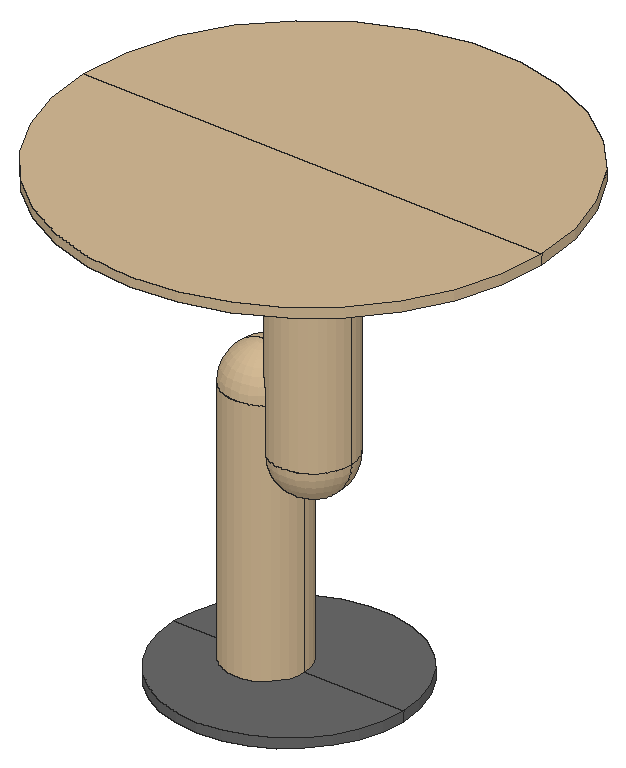
Revit family "MESA LATERAL 02 PARA SER FELIZ D60", category Sistema de mobiliário, Revit 2024
Family settings
  Cota do conector redondo = Utilizar diâmetro
  Tipo de parte = Normal
  Com base no plano de trabalho = Não
  Ativar corte nas vistas = Não
  Sempre na vertical = Sim
  Corte com vazios quando carregada = Não
  Compartilhado = Não
  Ponto de cálculo do ambiente = Não
Parameters
  Elevação padrão = 0.0 cm
Reference planes (cm)
  plane 1 "Centro (Frente/Trás)": y = 0
  plane 2: z = 0
  plane 3 "Centro (Esquerda/Direita)": x = 0
  plane 4: x = -50
  plane 5: x = 50
  plane 6: y = -50
  plane 7: y = 50
  plane 8: z = 73.8885
  plane 9: z = 36.9442
Forms (cm)
  Revolve 1, solid, material "MADEIRA NATURAL"
    sketch origin (0, 0, 0) x (1, 0, 0) y (0, 0, 1)
      loop
        line (198.214, 61.6472) -> (198.214, 60.42) -> (228.214, 60.42) -> (228.214, 61.6472) -> (198.214, 61.6472)
      axis (198.214, 61.6472) -> (198.214, 60.42)
    angle from 0 to 360
  Revolve 2, solid, material "MADEIRA NATURAL"
    sketch origin (0, 0, 0) x (1, 0, 0) y (0, 0, 1)
      loop
        line (198.214, 60.42) -> (198.214, 23.12)
        arc (198.214, 23.12) -> (201.7765, 24.5956) -> (203.2521, 28.1581) r 5.0382
        line (203.2521, 28.1581) -> (203.2521, 60.42) -> (198.214, 60.42)
      axis (198.214, 60.42) -> (198.214, 23.12)
    angle from 0 to 360
  Revolve 3, solid, material "INOX"
    sketch origin (-3.139, 0, -59.9416) x (1, 0, 0) y (0, 0, 1)
      loop
        line (198.214, 61.6472) -> (198.214, 60.42) -> (213.214, 60.42) -> (213.214, 61.6472) -> (198.214, 61.6472)
      axis (198.214, 61.6472) -> (198.214, 60.42)
    angle from 0 to 360
  Revolve 4, solid, material "MADEIRA NATURAL"
    sketch origin (-6.139, 0, 62.1255) x (1, 0, 0) y (0, 0, 1)
      loop
        line (198.214, -60.42) -> (203.2521, -60.42) -> (203.2521, -28.1581)
        arc (203.2521, -28.1581) -> (201.7765, -24.5956) -> (198.214, -23.12) r 5.0382
        line (198.214, -23.12) -> (198.214, -60.42)
      axis (198.214, -60.42) -> (198.214, -23.12)
    angle from 0 to 360
Dimensions and locks (cm)
  equal spacing: plane 6, plane 1 "Centro (Frente/Trás)", plane 7
  equal spacing: plane 4, plane 3 "Centro (Esquerda/Direita)", plane 5
  aligned and locked: level to plane 2
Automatic sketch dimensions
  Revolve 1 sketch curve to plane 8 = 12.2413 cm
  plane 5 to Revolve 1 sketch curve = 148.214 cm
  Revolve 1 sketch curve to Revolve 1 sketch curve = 30.0 cm
  Revolve 1 sketch curve to Revolve 1 sketch curve = 1.2272 cm
  Revolve 1 sketch curve to Revolve 1 sketch curve = 0.0 cm
  Revolve 1 sketch curve to Revolve 1 sketch curve = 2.3728 cm
  Revolve 1 sketch curve to Revolve 1 sketch curve = 2.0 cm
  Revolve 2 sketch curve to plane 8 = 13.4685 cm
  plane 5 to Revolve 2 sketch curve = 148.214 cm
  Revolve 2 sketch curve to Revolve 2 sketch curve = 5.0382 cm
  Revolve 2 sketch curve to plane 9 = 8.7861 cm
  Revolve 2 sketch curve to Revolve 2 sketch curve = 0.0 cm
  Revolve 2 sketch curve to Revolve 2 sketch curve = 9.2 cm
  Revolve 2 sketch curve to Revolve 2 sketch curve = 5.9 cm
  level to Revolve 3 sketch curve = 1.7055 cm
  plane 5 to Revolve 3 sketch curve = 145.0749 cm
  Revolve 3 sketch curve to Revolve 3 sketch curve = 15.0 cm
  level to Revolve 3 sketch curve = 0.4783 cm
  Revolve 3 sketch curve to Revolve 3 sketch curve = 0.0 cm
  Revolve 3 sketch curve to level = 1.8945 cm
  Revolve 3 sketch curve to Revolve 3 sketch curve = 2.0 cm
  level to Revolve 4 sketch curve = 1.7055 cm
  plane 5 to Revolve 4 sketch curve = 142.0749 cm
  Revolve 4 sketch curve to Revolve 4 sketch curve = 5.0382 cm
  Revolve 4 sketch curve to plane 9 = 2.9769 cm
  Revolve 4 sketch curve to Revolve 4 sketch curve = 0.0 cm
  Revolve 4 sketch curve to level = 4.1945 cm
  Revolve 4 sketch curve to Revolve 4 sketch curve = 9.2 cm
